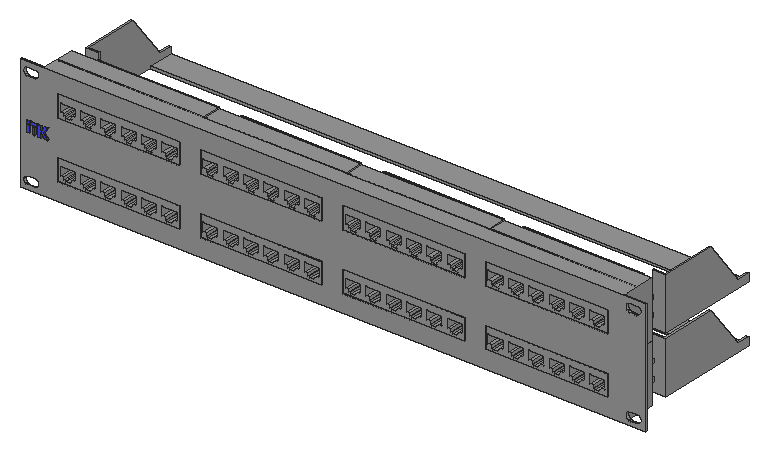
Revit family "ITK_Патч-панель_19-дюймовое крепление_2U_категория 5E с органайзером", category Обобщенные модели, Revit 2019
Family settings
  Может служить основой для арматурных стержней = Нет
  Размер круглого соединителя = Использовать диаметр
  Тип детали = Нормальный
  На основе рабочей плоскости = Нет
  Всегда вертикально = Да
  При загрузке вырезать с полостями = Нет
  Общий = Нет
  Точка расчета площади = Нет
Parameters (values of type "PP48-2UC5EU-D05-1")
  Ширина = 482.6 mm
  Материал = Окраска - RAL 9005
  Изготовитель = "ITK"  # constant formula
  Дата изменения = ""
  Глубина = 121 mm
  Высота = 88 mm
  URL = "https://www.iek.ru/"
  KSI_CPr_Строительные изделия = "27.12.31.61.1.04.09-1090"  # constant formula
  KSI_CMa_Строительные материалы = "10.03.02.06"  # constant formula
  IEK_Цена за единицу = 5122.96
  IEK_Поиск в таблице имен = ""
  IEK_Описание = "Исполнение с кабельным органайзером.\r\nБольшое количество коммутационных портов при компактном размере.\r\nДвойная понятная маркировка IDC-модулей и портов.\r\nРасширенный частотный диапазон работы.\r\nУвеличенное количество циклов включения-отключения.\r\nСовместимы со всеми 19\" шкафами и стойками ITK.\r\nСоответствие международным стандартам и ГОСТ Р."
  IEK_URL = "https://www.itk-group.ru/produktsiya/catalog/oborudovanie_telekommunikatsionnoe/komponenty_sks_mednye/patch_paneli/patch_paneli_kat_5e/patch_paneli_kat_5e_neekranirovannye_utp/itk_2u_patch_panel_kat_5e_utp_48_portov_dual_s_kabelnym_organayzerom"
  ADSK_Примечание = ""
  ADSK_Позиция [instance] = ""
  ADSK_Наименование = "ITK 2U патч-панель кат. 5Е UTP 48 портов (Dual) с каб. орг-м"
  ADSK_Материал обозначение = ""
  ADSK_Материал наименование = "Металл и АБС-пластик"  # constant formula
  ADSK_Масса = 1.1
  ADSK_Марка = ""  # constant formula
  ADSK_Код изделия = "PP48-2UC5EU-D05-1"
  ADSK_Завод-изготовитель = "IEK"  # constant formula
  ADSK_Единица измерения = "шт"  # constant formula
  ADSK_Группирование = "I. ЩИТЫ И ПУЛЬТЫ"  # constant formula
  ADSK_Версия семейства = "1.0"  # constant formula
  ADSK_Версия Revit = "2019"  # constant formula
  ADSK_URL страницы изделия = "https://www.itk-group.ru/produktsiya/catalog/oborudovanie_telekommunikatsionnoe/komponenty_sks_mednye/patch_paneli/patch_paneli_kat_5e/patch_paneli_kat_5e_neekranirovannye_utp/"
Reference planes
  plane 1 "По центру (Вперед/Назад)": y = 0
  plane 2: z = 0
  plane 3 "По центру (Влево/Вправо)": x = 0
  plane 4: y = 121
Forms (mm)
  Extrusion 1, solid, material "Окраска - RAL 9005" <- "Материал", detail levels fine
    sketch origin (0, 0, 0) x (1, 0, 0) y (0, 1, 0)
      loop
        line (223.6, 1.5) -> (223.6, 27.5) -> (-223.6, 27.5) -> (-223.6, 1.5) -> (-241, 1.5) -> (-241, 0) -> (241, 0) -> (241, 1.5) -> (223.6, 1.5)
    from 88 to 0
  Extrusion 2, void
    sketch origin (0, 0, 0) x (1, 0, 0) y (0, 0, 1)
      loop
        line (-222, 0) -> (222, 0) -> (222, 88) -> (-222, 88) -> (-222, 0)
      loop
        line (221.8, 87.8) -> (-221.8, 87.8) -> (-221.8, 43.8) -> (-221.8, 0.2) -> (221.8, 0.2) -> (221.8, 87.8)
    from -13.5 to -13.7
  Extrusion 3, void
    sketch origin (0, 0, 0) x (1, 0, 0) y (0, 1, 0)
      loop
        line (-110.25, 31.5) -> (-110.25, 13.5) -> (-109.457, 13.5) -> (-109.457, 31.5) -> (-110.25, 31.5)
      loop
        line (-0.25, 31.5) -> (-0.25, 13.5) -> (0.543, 13.5) -> (0.543, 31.5) -> (-0.25, 31.5)
      loop
        line (109.75, 31.5) -> (109.75, 13.5) -> (110.543, 13.5) -> (110.543, 31.5) -> (109.75, 31.5)
    from 88 to 0
  Extrusion 4, solid, material "Окраска - RAL 9005" <- "Материал", detail levels fine
    sketch origin (0, 0, 0) x (0, 1, 0) y (0, 0, 1)
      loop
        line (35.5, 35) -> (37.5, 36.155) -> (37.5, 37.845) -> (35.5, 39) -> (31, 39) -> (31, 40) -> (29.5, 40) -> (28.5, 39) -> (27.5, 40) -> (27.5, 34) -> (28.5, 35) -> (29.5, 34) -> (31, 34) -> (31, 35) -> (35.5, 35)
      loop
        line (35.5, 5) -> (37.5, 6.155) -> (37.5, 7.845) -> (35.5, 9) -> (31, 9) -> (31, 10) -> (29.5, 10) -> (28.5, 9) -> (27.5, 10) -> (27.5, 4) -> (28.5, 5) -> (29.5, 4) -> (31, 4) -> (31, 5) -> (35.5, 5)
      loop
        line (35.5, 79) -> (37.5, 80.155) -> (37.5, 81.845) -> (35.5, 83) -> (31, 83) -> (31, 84) -> (29.5, 84) -> (28.5, 83) -> (27.5, 84) -> (27.5, 78) -> (28.5, 79) -> (29.5, 78) -> (31, 78) -> (31, 79) -> (35.5, 79)
      loop
        line (35.5, 49) -> (37.5, 50.155) -> (37.5, 51.845) -> (35.5, 53) -> (31, 53) -> (31, 54) -> (29.5, 54) -> (28.5, 53) -> (27.5, 54) -> (27.5, 48) -> (28.5, 49) -> (29.5, 48) -> (31, 48) -> (31, 49) -> (35.5, 49)
    from -118.225 to -209.525
  Extrusion 5, solid, material "Окраска - RAL 9005" <- "Материал", detail levels fine
    sketch origin (110, 0, 0) x (0, 1, 0) y (0, 0, 1)
      loop
        line (35.5, 35) -> (37.5, 36.155) -> (37.5, 37.845) -> (35.5, 39) -> (31, 39) -> (31, 40) -> (29.5, 40) -> (28.5, 39) -> (27.5, 40) -> (27.5, 34) -> (28.5, 35) -> (29.5, 34) -> (31, 34) -> (31, 35) -> (35.5, 35)
      loop
        line (35.5, 5) -> (37.5, 6.155) -> (37.5, 7.845) -> (35.5, 9) -> (31, 9) -> (31, 10) -> (29.5, 10) -> (28.5, 9) -> (27.5, 10) -> (27.5, 4) -> (28.5, 5) -> (29.5, 4) -> (31, 4) -> (31, 5) -> (35.5, 5)
    from -118.225 to -209.525
  Extrusion 6, solid, material "Окраска - RAL 9005" <- "Материал", detail levels fine
    sketch origin (220, 0, 0) x (0, 1, 0) y (0, 0, 1)
      loop
        line (35.5, 35) -> (37.5, 36.155) -> (37.5, 37.845) -> (35.5, 39) -> (31, 39) -> (31, 40) -> (29.5, 40) -> (28.5, 39) -> (27.5, 40) -> (27.5, 34) -> (28.5, 35) -> (29.5, 34) -> (31, 34) -> (31, 35) -> (35.5, 35)
      loop
        line (35.5, 5) -> (37.5, 6.155) -> (37.5, 7.845) -> (35.5, 9) -> (31, 9) -> (31, 10) -> (29.5, 10) -> (28.5, 9) -> (27.5, 10) -> (27.5, 4) -> (28.5, 5) -> (29.5, 4) -> (31, 4) -> (31, 5) -> (35.5, 5)
    from -118.225 to -209.525
  Extrusion 7, solid, material "Окраска - RAL 9005" <- "Материал", detail levels fine
    sketch origin (330, 0, 0) x (0, 1, 0) y (0, 0, 1)
      loop
        line (35.5, 35) -> (37.5, 36.155) -> (37.5, 37.845) -> (35.5, 39) -> (31, 39) -> (31, 40) -> (29.5, 40) -> (28.5, 39) -> (27.5, 40) -> (27.5, 34) -> (28.5, 35) -> (29.5, 34) -> (31, 34) -> (31, 35) -> (35.5, 35)
      loop
        line (35.5, 5) -> (37.5, 6.155) -> (37.5, 7.845) -> (35.5, 9) -> (31, 9) -> (31, 10) -> (29.5, 10) -> (28.5, 9) -> (27.5, 10) -> (27.5, 4) -> (28.5, 5) -> (29.5, 4) -> (31, 4) -> (31, 5) -> (35.5, 5)
    from -118.225 to -209.525
  Extrusion 8, solid, material "Окраска - RAL 9005" <- "Материал", detail levels fine
    sketch origin (0, 0, 0) x (0, 1, 0) y (0, 0, 1)
      loop
        line (27.5, 17.25) -> (27.5, 14.25) -> (31.5, 14.25) -> (31.5, 17.25) -> (27.5, 17.25)
      loop
        line (27.5, 26.75) -> (31.5, 26.75) -> (31.5, 29.75) -> (27.5, 29.75) -> (27.5, 26.75)
    from 9.25 to 0.543
  Extrusion 9, solid, material "Окраска - RAL 9005" <- "Материал", detail levels fine
    sketch origin (-9.5, 0, 0) x (0, 1, 0) y (0, 0, 1)
      loop
        line (27.5, 17.25) -> (27.5, 14.25) -> (31.5, 14.25) -> (31.5, 17.25) -> (27.5, 17.25)
      loop
        line (27.5, 26.75) -> (31.5, 26.75) -> (31.5, 29.75) -> (27.5, 29.75) -> (27.5, 26.75)
    from 9.25 to 0.543
  Extrusion 10, solid, material "Окраска - RAL 9005" <- "Материал", detail levels fine
    sketch origin (-110, 0, 0) x (0, 1, 0) y (0, 0, 1)
      loop
        line (27.5, 17.25) -> (27.5, 14.25) -> (31.5, 14.25) -> (31.5, 17.25) -> (27.5, 17.25)
      loop
        line (27.5, 26.75) -> (31.5, 26.75) -> (31.5, 29.75) -> (27.5, 29.75) -> (27.5, 26.75)
    from 9.25 to 0.543
  Extrusion 11, solid, material "Окраска - RAL 9005" <- "Материал", detail levels fine
    sketch origin (-119.5, 0, 0) x (0, 1, 0) y (0, 0, 1)
      loop
        line (27.5, 17.25) -> (27.5, 14.25) -> (31.5, 14.25) -> (31.5, 17.25) -> (27.5, 17.25)
      loop
        line (27.5, 26.75) -> (31.5, 26.75) -> (31.5, 29.75) -> (27.5, 29.75) -> (27.5, 26.75)
    from 9.25 to 0.543
  Extrusion 12, solid, material "Окраска - RAL 9005" <- "Материал", detail levels fine
    sketch origin (-222.25, 0, 0) x (0, 1, 0) y (0, 0, 1)
      loop
        line (27.5, 17.25) -> (27.5, 14.25) -> (31.5, 14.25) -> (31.5, 17.25) -> (27.5, 17.25)
      loop
        line (27.5, 26.75) -> (31.5, 26.75) -> (31.5, 29.75) -> (27.5, 29.75) -> (27.5, 26.75)
      loop
        line (27.5, 61.25) -> (27.5, 58.25) -> (31.5, 58.25) -> (31.5, 61.25) -> (27.5, 61.25)
      loop
        line (27.5, 70.75) -> (31.5, 70.75) -> (31.5, 73.75) -> (27.5, 73.75) -> (27.5, 70.75)
    from 9.25 to 0.543
  Extrusion 13, solid, material "Окраска - RAL 9005" <- "Материал", detail levels fine
    sketch origin (110, 0, 0) x (0, 1, 0) y (0, 0, 1)
      loop
        line (27.5, 17.25) -> (27.5, 14.25) -> (31.5, 14.25) -> (31.5, 17.25) -> (27.5, 17.25)
      loop
        line (27.5, 26.75) -> (31.5, 26.75) -> (31.5, 29.75) -> (27.5, 29.75) -> (27.5, 26.75)
    from 9.25 to 0.543
  Extrusion 14, solid, material "Окраска - RAL 9005" <- "Материал", detail levels fine
    sketch origin (100.5, 0, 0) x (0, 1, 0) y (0, 0, 1)
      loop
        line (27.5, 17.25) -> (27.5, 14.25) -> (31.5, 14.25) -> (31.5, 17.25) -> (27.5, 17.25)
      loop
        line (27.5, 26.75) -> (31.5, 26.75) -> (31.5, 29.75) -> (27.5, 29.75) -> (27.5, 26.75)
    from 9.25 to 0.543
  Extrusion 15, solid, material "Окраска - RAL 9005" <- "Материал", detail levels fine
    sketch origin (212.75, 0, 0) x (0, 1, 0) y (0, 0, 1)
      loop
        line (27.5, 17.25) -> (27.5, 14.25) -> (31.5, 14.25) -> (31.5, 17.25) -> (27.5, 17.25)
      loop
        line (27.5, 26.75) -> (31.5, 26.75) -> (31.5, 29.75) -> (27.5, 29.75) -> (27.5, 26.75)
    from 9.25 to 0.543
  Extrusion 16, void
    sketch origin (0, 0, 0) x (1, 0, 0) y (0, 0, 1)
      loop
        line (-118.2, 30.05) -> (-211.8, 30.05) -> (-211.8, 13.95) -> (-118.2, 13.95) -> (-118.2, 30.05)
      loop
        line (-212, 30.25) -> (-212, 13.75) -> (-118, 13.75) -> (-118, 30.25) -> (-212, 30.25)
      loop
        arc (-234.65, 9.85) -> (-238, 6.5) -> (-234.65, 3.15) r 3.35
        line (-234.65, 3.15) -> (-229.85, 3.15)
        arc (-229.85, 3.15) -> (-227.481, 4.131) -> (-226.5, 6.5) r 3.35
        arc (-226.5, 6.5) -> (-227.481, 8.869) -> (-229.85, 9.85) r 3.35
        line (-229.85, 9.85) -> (-234.65, 9.85)
      loop
        line (-8.2, 30.05) -> (-101.8, 30.05) -> (-101.8, 13.95) -> (-8.2, 13.95) -> (-8.2, 30.05)
      loop
        line (-102, 30.25) -> (-102, 13.75) -> (-8, 13.75) -> (-8, 30.25) -> (-102, 30.25)
      loop
        line (8, 30.25) -> (8, 13.75) -> (102, 13.75) -> (102, 30.25) -> (8, 30.25)
      loop
        line (101.8, 30.05) -> (8.2, 30.05) -> (8.2, 13.95) -> (101.8, 13.95) -> (101.8, 30.05)
      loop
        line (211.8, 30.05) -> (118.2, 30.05) -> (118.2, 13.95) -> (211.8, 13.95) -> (211.8, 30.05)
      loop
        line (118, 30.25) -> (118, 13.75) -> (212, 13.75) -> (212, 30.25) -> (118, 30.25)
      loop
        arc (229.85, 9.85) -> (226.5, 6.5) -> (229.85, 3.15) r 3.35
        line (229.85, 3.15) -> (234.65, 3.15)
        arc (234.65, 3.15) -> (237.019, 4.131) -> (238, 6.5) r 3.35
        arc (238, 6.5) -> (237.019, 8.869) -> (234.65, 9.85) r 3.35
        line (234.65, 9.85) -> (229.85, 9.85)
      loop
        line (-118.2, 74.05) -> (-211.8, 74.05) -> (-211.8, 57.95) -> (-118.2, 57.95) -> (-118.2, 74.05)
      loop
        line (-212, 74.25) -> (-212, 57.75) -> (-118, 57.75) -> (-118, 74.25) -> (-212, 74.25)
      loop
        line (-8.2, 74.05) -> (-101.8, 74.05) -> (-101.8, 57.95) -> (-8.2, 57.95) -> (-8.2, 74.05)
      loop
        line (-102, 74.25) -> (-102, 57.75) -> (-8, 57.75) -> (-8, 74.25) -> (-102, 74.25)
      loop
        line (8, 74.25) -> (8, 57.75) -> (102, 57.75) -> (102, 74.25) -> (8, 74.25)
      loop
        line (101.8, 74.05) -> (8.2, 74.05) -> (8.2, 57.95) -> (101.8, 57.95) -> (101.8, 74.05)
      loop
        line (211.8, 74.05) -> (118.2, 74.05) -> (118.2, 57.95) -> (211.8, 57.95) -> (211.8, 74.05)
      loop
        line (118, 74.25) -> (118, 57.75) -> (212, 57.75) -> (212, 74.25) -> (118, 74.25)
      loop
        line (-234.65, 78.15) -> (-229.85, 78.15)
        arc (-229.85, 78.15) -> (-227.481, 79.131) -> (-226.5, 81.5) r 3.35
        arc (-226.5, 81.5) -> (-227.481, 83.869) -> (-229.85, 84.85) r 3.35
        line (-229.85, 84.85) -> (-234.65, 84.85)
        arc (-234.65, 84.85) -> (-238, 81.5) -> (-234.65, 78.15) r 3.35
      loop
        line (229.85, 78.15) -> (234.65, 78.15)
        arc (234.65, 78.15) -> (237.019, 79.131) -> (238, 81.5) r 3.35
        arc (238, 81.5) -> (237.019, 83.869) -> (234.65, 84.85) r 3.35
        line (234.65, 84.85) -> (229.85, 84.85)
        arc (229.85, 84.85) -> (226.5, 81.5) -> (229.85, 78.15) r 3.35
    from -2 to 0
  Extrusion 17, void
    sketch origin (0, 0, 0) x (1, 0, 0) y (0, 0, 1)
      loop
        line (-198.4, 18.25) -> (-198.4, 25.05) -> (-210.1, 25.05) -> (-210.1, 18.25) -> (-207.5, 18.25) -> (-207.5, 16.55) -> (-206.25, 16.55) -> (-206.25, 15.25) -> (-202.25, 15.25) -> (-202.25, 16.55) -> (-201, 16.55) -> (-201, 18.25) -> (-198.4, 18.25)
      loop
        line (-182.7, 25.05) -> (-194.4, 25.05) -> (-194.4, 18.25) -> (-191.8, 18.25) -> (-191.8, 16.55) -> (-190.55, 16.55) -> (-190.55, 15.25) -> (-186.55, 15.25) -> (-186.55, 16.55) -> (-185.3, 16.55) -> (-185.3, 18.25) -> (-182.7, 18.25) -> (-182.7, 25.05)
      loop
        line (-167, 25.05) -> (-178.7, 25.05) -> (-178.7, 18.25) -> (-176.1, 18.25) -> (-176.1, 16.55) -> (-174.85, 16.55) -> (-174.85, 15.25) -> (-170.85, 15.25) -> (-170.85, 16.55) -> (-169.6, 16.55) -> (-169.6, 18.25) -> (-167, 18.25) -> (-167, 25.05)
      loop
        line (-151.3, 25.05) -> (-163, 25.05) -> (-163, 18.25) -> (-160.4, 18.25) -> (-160.4, 16.55) -> (-159.15, 16.55) -> (-159.15, 15.25) -> (-155.15, 15.25) -> (-155.15, 16.55) -> (-153.9, 16.55) -> (-153.9, 18.25) -> (-151.3, 18.25) -> (-151.3, 25.05)
      loop
        line (-135.6, 25.05) -> (-147.3, 25.05) -> (-147.3, 18.25) -> (-144.7, 18.25) -> (-144.7, 16.55) -> (-143.45, 16.55) -> (-143.45, 15.25) -> (-139.45, 15.25) -> (-139.45, 16.55) -> (-138.2, 16.55) -> (-138.2, 18.25) -> (-135.6, 18.25) -> (-135.6, 25.05)
      loop
        line (-131.6, 25.05) -> (-131.6, 18.25) -> (-129, 18.25) -> (-129, 16.55) -> (-127.75, 16.55) -> (-127.75, 15.25) -> (-123.75, 15.25) -> (-123.75, 16.55) -> (-122.5, 16.55) -> (-122.5, 18.25) -> (-119.9, 18.25) -> (-119.9, 25.05) -> (-131.6, 25.05)
      loop
        line (-88.4, 25.05) -> (-100.1, 25.05) -> (-100.1, 18.25) -> (-97.5, 18.25) -> (-97.5, 16.55) -> (-96.25, 16.55) -> (-96.25, 15.25) -> (-92.25, 15.25) -> (-92.25, 16.55) -> (-91, 16.55) -> (-91, 18.25) -> (-88.4, 18.25) -> (-88.4, 25.05)
      loop
        line (-84.4, 25.05) -> (-84.4, 18.25) -> (-81.8, 18.25) -> (-81.8, 16.55) -> (-80.55, 16.55) -> (-80.55, 15.25) -> (-76.55, 15.25) -> (-76.55, 16.55) -> (-75.3, 16.55) -> (-75.3, 18.25) -> (-72.7, 18.25) -> (-72.7, 25.05) -> (-84.4, 25.05)
      loop
        line (-68.7, 25.05) -> (-68.7, 18.25) -> (-66.1, 18.25) -> (-66.1, 16.55) -> (-64.85, 16.55) -> (-64.85, 15.25) -> (-60.85, 15.25) -> (-60.85, 16.55) -> (-59.6, 16.55) -> (-59.6, 18.25) -> (-57, 18.25) -> (-57, 25.05) -> (-68.7, 25.05)
      loop
        line (-53, 25.05) -> (-53, 18.25) -> (-50.4, 18.25) -> (-50.4, 16.55) -> (-49.15, 16.55) -> (-49.15, 15.25) -> (-45.15, 15.25) -> (-45.15, 16.55) -> (-43.9, 16.55) -> (-43.9, 18.25) -> (-41.3, 18.25) -> (-41.3, 25.05) -> (-53, 25.05)
      loop
        line (-21.6, 25.05) -> (-21.6, 18.25) -> (-19, 18.25) -> (-19, 16.55) -> (-17.75, 16.55) -> (-17.75, 15.25) -> (-13.75, 15.25) -> (-13.75, 16.55) -> (-12.5, 16.55) -> (-12.5, 18.25) -> (-9.9, 18.25) -> (-9.9, 25.05) -> (-21.6, 25.05)
      loop
        line (-37.3, 25.05) -> (-37.3, 18.25) -> (-34.7, 18.25) -> (-34.7, 16.55) -> (-33.45, 16.55) -> (-33.45, 15.25) -> (-29.45, 15.25) -> (-29.45, 16.55) -> (-28.2, 16.55) -> (-28.2, 18.25) -> (-25.6, 18.25) -> (-25.6, 25.05) -> (-37.3, 25.05)
      loop
        line (9.9, 25.05) -> (9.9, 18.25) -> (12.5, 18.25) -> (12.5, 16.55) -> (13.75, 16.55) -> (13.75, 15.25) -> (17.75, 15.25) -> (17.75, 16.55) -> (19, 16.55) -> (19, 18.25) -> (21.6, 18.25) -> (21.6, 25.05) -> (9.9, 25.05)
      loop
        line (25.6, 25.05) -> (25.6, 18.25) -> (28.2, 18.25) -> (28.2, 16.55) -> (29.45, 16.55) -> (29.45, 15.25) -> (33.45, 15.25) -> (33.45, 16.55) -> (34.7, 16.55) -> (34.7, 18.25) -> (37.3, 18.25) -> (37.3, 25.05) -> (25.6, 25.05)
      loop
        line (41.3, 25.05) -> (41.3, 18.25) -> (43.9, 18.25) -> (43.9, 16.55) -> (45.15, 16.55) -> (45.15, 15.25) -> (49.15, 15.25) -> (49.15, 16.55) -> (50.4, 16.55) -> (50.4, 18.25) -> (53, 18.25) -> (53, 25.05) -> (41.3, 25.05)
      loop
        line (57, 25.05) -> (57, 18.25) -> (59.6, 18.25) -> (59.6, 16.55) -> (60.85, 16.55) -> (60.85, 15.25) -> (64.85, 15.25) -> (64.85, 16.55) -> (66.1, 16.55) -> (66.1, 18.25) -> (68.7, 18.25) -> (68.7, 25.05) -> (57, 25.05)
      loop
        line (72.7, 25.05) -> (72.7, 18.25) -> (75.3, 18.25) -> (75.3, 16.55) -> (76.55, 16.55) -> (76.55, 15.25) -> (80.55, 15.25) -> (80.55, 16.55) -> (81.8, 16.55) -> (81.8, 18.25) -> (84.4, 18.25) -> (84.4, 25.05) -> (72.7, 25.05)
      loop
        line (88.4, 25.05) -> (88.4, 18.25) -> (91, 18.25) -> (91, 16.55) -> (92.25, 16.55) -> (92.25, 15.25) -> (96.25, 15.25) -> (96.25, 16.55) -> (97.5, 16.55) -> (97.5, 18.25) -> (100.1, 18.25) -> (100.1, 25.05) -> (88.4, 25.05)
      loop
        line (119.9, 25.05) -> (119.9, 18.25) -> (122.5, 18.25) -> (122.5, 16.55) -> (123.75, 16.55) -> (123.75, 15.25) -> (127.75, 15.25) -> (127.75, 16.55) -> (129, 16.55) -> (129, 18.25) -> (131.6, 18.25) -> (131.6, 25.05) -> (119.9, 25.05)
      loop
        line (135.6, 25.05) -> (135.6, 18.25) -> (138.2, 18.25) -> (138.2, 16.55) -> (139.45, 16.55) -> (139.45, 15.25) -> (143.45, 15.25) -> (143.45, 16.55) -> (144.7, 16.55) -> (144.7, 18.25) -> (147.3, 18.25) -> (147.3, 25.05) -> (135.6, 25.05)
      loop
        line (151.3, 25.05) -> (151.3, 18.25) -> (153.9, 18.25) -> (153.9, 16.55) -> (155.15, 16.55) -> (155.15, 15.25) -> (159.15, 15.25) -> (159.15, 16.55) -> (160.4, 16.55) -> (160.4, 18.25) -> (163, 18.25) -> (163, 25.05) -> (151.3, 25.05)
      loop
        line (167, 25.05) -> (167, 18.25) -> (169.6, 18.25) -> (169.6, 16.55) -> (170.85, 16.55) -> (170.85, 15.25) -> (174.85, 15.25) -> (174.85, 16.55) -> (176.1, 16.55) -> (176.1, 18.25) -> (178.7, 18.25) -> (178.7, 25.05) -> (167, 25.05)
      loop
        line (182.7, 25.05) -> (182.7, 18.25) -> (185.3, 18.25) -> (185.3, 16.55) -> (186.55, 16.55) -> (186.55, 15.25) -> (190.55, 15.25) -> (190.55, 16.55) -> (191.8, 16.55) -> (191.8, 18.25) -> (194.4, 18.25) -> (194.4, 25.05) -> (182.7, 25.05)
      loop
        line (198.4, 25.05) -> (198.4, 18.25) -> (201, 18.25) -> (201, 16.55) -> (202.25, 16.55) -> (202.25, 15.25) -> (206.25, 15.25) -> (206.25, 16.55) -> (207.5, 16.55) -> (207.5, 18.25) -> (210.1, 18.25) -> (210.1, 25.05) -> (198.4, 25.05)
      loop
        line (-198.4, 62.25) -> (-198.4, 69.05) -> (-210.1, 69.05) -> (-210.1, 62.25) -> (-207.5, 62.25) -> (-207.5, 60.55) -> (-206.25, 60.55) -> (-206.25, 59.25) -> (-202.25, 59.25) -> (-202.25, 60.55) -> (-201, 60.55) -> (-201, 62.25) -> (-198.4, 62.25)
      loop
        line (-182.7, 69.05) -> (-194.4, 69.05) -> (-194.4, 62.25) -> (-191.8, 62.25) -> (-191.8, 60.55) -> (-190.55, 60.55) -> (-190.55, 59.25) -> (-186.55, 59.25) -> (-186.55, 60.55) -> (-185.3, 60.55) -> (-185.3, 62.25) -> (-182.7, 62.25) -> (-182.7, 69.05)
      loop
        line (-167, 69.05) -> (-178.7, 69.05) -> (-178.7, 62.25) -> (-176.1, 62.25) -> (-176.1, 60.55) -> (-174.85, 60.55) -> (-174.85, 59.25) -> (-170.85, 59.25) -> (-170.85, 60.55) -> (-169.6, 60.55) -> (-169.6, 62.25) -> (-167, 62.25) -> (-167, 69.05)
      loop
        line (-151.3, 69.05) -> (-163, 69.05) -> (-163, 62.25) -> (-160.4, 62.25) -> (-160.4, 60.55) -> (-159.15, 60.55) -> (-159.15, 59.25) -> (-155.15, 59.25) -> (-155.15, 60.55) -> (-153.9, 60.55) -> (-153.9, 62.25) -> (-151.3, 62.25) -> (-151.3, 69.05)
      loop
        line (-135.6, 69.05) -> (-147.3, 69.05) -> (-147.3, 62.25) -> (-144.7, 62.25) -> (-144.7, 60.55) -> (-143.45, 60.55) -> (-143.45, 59.25) -> (-139.45, 59.25) -> (-139.45, 60.55) -> (-138.2, 60.55) -> (-138.2, 62.25) -> (-135.6, 62.25) -> (-135.6, 69.05)
      loop
        line (-131.6, 69.05) -> (-131.6, 62.25) -> (-129, 62.25) -> (-129, 60.55) -> (-127.75, 60.55) -> (-127.75, 59.25) -> (-123.75, 59.25) -> (-123.75, 60.55) -> (-122.5, 60.55) -> (-122.5, 62.25) -> (-119.9, 62.25) -> (-119.9, 69.05) -> (-131.6, 69.05)
      loop
        line (-88.4, 69.05) -> (-100.1, 69.05) -> (-100.1, 62.25) -> (-97.5, 62.25) -> (-97.5, 60.55) -> (-96.25, 60.55) -> (-96.25, 59.25) -> (-92.25, 59.25) -> (-92.25, 60.55) -> (-91, 60.55) -> (-91, 62.25) -> (-88.4, 62.25) -> (-88.4, 69.05)
      loop
        line (-84.4, 69.05) -> (-84.4, 62.25) -> (-81.8, 62.25) -> (-81.8, 60.55) -> (-80.55, 60.55) -> (-80.55, 59.25) -> (-76.55, 59.25) -> (-76.55, 60.55) -> (-75.3, 60.55) -> (-75.3, 62.25) -> (-72.7, 62.25) -> (-72.7, 69.05) -> (-84.4, 69.05)
      loop
        line (-68.7, 69.05) -> (-68.7, 62.25) -> (-66.1, 62.25) -> (-66.1, 60.55) -> (-64.85, 60.55) -> (-64.85, 59.25) -> (-60.85, 59.25) -> (-60.85, 60.55) -> (-59.6, 60.55) -> (-59.6, 62.25) -> (-57, 62.25) -> (-57, 69.05) -> (-68.7, 69.05)
      loop
        line (-53, 69.05) -> (-53, 62.25) -> (-50.4, 62.25) -> (-50.4, 60.55) -> (-49.15, 60.55) -> (-49.15, 59.25) -> (-45.15, 59.25) -> (-45.15, 60.55) -> (-43.9, 60.55) -> (-43.9, 62.25) -> (-41.3, 62.25) -> (-41.3, 69.05) -> (-53, 69.05)
      loop
        line (-21.6, 69.05) -> (-21.6, 62.25) -> (-19, 62.25) -> (-19, 60.55) -> (-17.75, 60.55) -> (-17.75, 59.25) -> (-13.75, 59.25) -> (-13.75, 60.55) -> (-12.5, 60.55) -> (-12.5, 62.25) -> (-9.9, 62.25) -> (-9.9, 69.05) -> (-21.6, 69.05)
      loop
        line (-37.3, 69.05) -> (-37.3, 62.25) -> (-34.7, 62.25) -> (-34.7, 60.55) -> (-33.45, 60.55) -> (-33.45, 59.25) -> (-29.45, 59.25) -> (-29.45, 60.55) -> (-28.2, 60.55) -> (-28.2, 62.25) -> (-25.6, 62.25) -> (-25.6, 69.05) -> (-37.3, 69.05)
      loop
        line (9.9, 69.05) -> (9.9, 62.25) -> (12.5, 62.25) -> (12.5, 60.55) -> (13.75, 60.55) -> (13.75, 59.25) -> (17.75, 59.25) -> (17.75, 60.55) -> (19, 60.55) -> (19, 62.25) -> (21.6, 62.25) -> (21.6, 69.05) -> (9.9, 69.05)
      loop
        line (25.6, 69.05) -> (25.6, 62.25) -> (28.2, 62.25) -> (28.2, 60.55) -> (29.45, 60.55) -> (29.45, 59.25) -> (33.45, 59.25) -> (33.45, 60.55) -> (34.7, 60.55) -> (34.7, 62.25) -> (37.3, 62.25) -> (37.3, 69.05) -> (25.6, 69.05)
      loop
        line (41.3, 69.05) -> (41.3, 62.25) -> (43.9, 62.25) -> (43.9, 60.55) -> (45.15, 60.55) -> (45.15, 59.25) -> (49.15, 59.25) -> (49.15, 60.55) -> (50.4, 60.55) -> (50.4, 62.25) -> (53, 62.25) -> (53, 69.05) -> (41.3, 69.05)
      loop
        line (57, 69.05) -> (57, 62.25) -> (59.6, 62.25) -> (59.6, 60.55) -> (60.85, 60.55) -> (60.85, 59.25) -> (64.85, 59.25) -> (64.85, 60.55) -> (66.1, 60.55) -> (66.1, 62.25) -> (68.7, 62.25) -> (68.7, 69.05) -> (57, 69.05)
      loop
        line (72.7, 69.05) -> (72.7, 62.25) -> (75.3, 62.25) -> (75.3, 60.55) -> (76.55, 60.55) -> (76.55, 59.25) -> (80.55, 59.25) -> (80.55, 60.55) -> (81.8, 60.55) -> (81.8, 62.25) -> (84.4, 62.25) -> (84.4, 69.05) -> (72.7, 69.05)
      loop
        line (88.4, 69.05) -> (88.4, 62.25) -> (91, 62.25) -> (91, 60.55) -> (92.25, 60.55) -> (92.25, 59.25) -> (96.25, 59.25) -> (96.25, 60.55) -> (97.5, 60.55) -> (97.5, 62.25) -> (100.1, 62.25) -> (100.1, 69.05) -> (88.4, 69.05)
      loop
        line (119.9, 69.05) -> (119.9, 62.25) -> (122.5, 62.25) -> (122.5, 60.55) -> (123.75, 60.55) -> (123.75, 59.25) -> (127.75, 59.25) -> (127.75, 60.55) -> (129, 60.55) -> (129, 62.25) -> (131.6, 62.25) -> (131.6, 69.05) -> (119.9, 69.05)
      loop
        line (135.6, 69.05) -> (135.6, 62.25) -> (138.2, 62.25) -> (138.2, 60.55) -> (139.45, 60.55) -> (139.45, 59.25) -> (143.45, 59.25) -> (143.45, 60.55) -> (144.7, 60.55) -> (144.7, 62.25) -> (147.3, 62.25) -> (147.3, 69.05) -> (135.6, 69.05)
      loop
        line (151.3, 69.05) -> (151.3, 62.25) -> (153.9, 62.25) -> (153.9, 60.55) -> (155.15, 60.55) -> (155.15, 59.25) -> (159.15, 59.25) -> (159.15, 60.55) -> (160.4, 60.55) -> (160.4, 62.25) -> (163, 62.25) -> (163, 69.05) -> (151.3, 69.05)
      loop
        line (167, 69.05) -> (167, 62.25) -> (169.6, 62.25) -> (169.6, 60.55) -> (170.85, 60.55) -> (170.85, 59.25) -> (174.85, 59.25) -> (174.85, 60.55) -> (176.1, 60.55) -> (176.1, 62.25) -> (178.7, 62.25) -> (178.7, 69.05) -> (167, 69.05)
      loop
        line (182.7, 69.05) -> (182.7, 62.25) -> (185.3, 62.25) -> (185.3, 60.55) -> (186.55, 60.55) -> (186.55, 59.25) -> (190.55, 59.25) -> (190.55, 60.55) -> (191.8, 60.55) -> (191.8, 62.25) -> (194.4, 62.25) -> (194.4, 69.05) -> (182.7, 69.05)
      loop
        line (198.4, 69.05) -> (198.4, 62.25) -> (201, 62.25) -> (201, 60.55) -> (202.25, 60.55) -> (202.25, 59.25) -> (206.25, 59.25) -> (206.25, 60.55) -> (207.5, 60.55) -> (207.5, 62.25) -> (210.1, 62.25) -> (210.1, 69.05) -> (198.4, 69.05)
    from -20 to 0
  Extrusion 18, solid, detail levels coarse+medium
    sketch origin (0, 0, 0) x (1, 0, 0) y (0, 1, 0)
      loop
        line (-241, 0) -> (241, 0) -> (241, 121) -> (-241, 121) -> (-241, 0)
    from 88 <- "Высота" to 0
  Extrusion 19, solid, material "Пластик белый", detail levels fine
    sketch origin (-228.299, 0, 39.843) x (1, 0, 0) y (0, 0, 1)
      loop
        line (-7.624, 5.29) -> (-7.624, 0) -> (-5.312, 0) -> (-5.312, 5.29) -> (-7.624, 5.29)
      loop
        line (-0.808, 5.29) -> (-2.986, 5.29) -> (-2.986, 0) -> (-0.808, 0) -> (-0.808, 5.29)
      loop
        line (-7.624, 6.027) -> (-5.312, 6.027) -> (-5.312, 8.272) -> (-7.624, 8.272) -> (-7.624, 6.027)
      loop
        line (1.567, 8.272) -> (1.567, 0) -> (3.747, 0) -> (3.747, 3.101) -> (4.58, 3.101) -> (6.594, 0) -> (9.251, 0) -> (6.241, 4.142) -> (9.251, 8.272) -> (6.594, 8.272) -> (4.58, 5.17) -> (3.747, 5.17) -> (3.747, 8.272) -> (1.567, 8.272)
      loop
        line (-4.24, 6.027) -> (0.447, 6.027) -> (0.447, 8.272) -> (-4.24, 8.272) -> (-4.24, 6.027)
    from 0 to 0.554
  Extrusion 20, solid, material "Окраска - RAL 9005" <- "Материал", detail levels fine
    sketch origin (0, 0, 0) x (0, 1, 0) y (0, 0, -1)
      loop
        line (35.5, -35) -> (31, -35) -> (31, -34) -> (29.5, -34) -> (28.5, -35) -> (27.5, -34) -> (27.5, -40) -> (28.5, -39) -> (29.5, -40) -> (31, -40) -> (31, -39) -> (35.5, -39) -> (37.5, -37.845) -> (37.5, -36.155) -> (35.5, -35)
      loop
        line (35.5, -5) -> (31, -5) -> (31, -4) -> (29.5, -4) -> (28.5, -5) -> (27.5, -4) -> (27.5, -10) -> (28.5, -9) -> (29.5, -10) -> (31, -10) -> (31, -9) -> (35.5, -9) -> (37.5, -7.845) -> (37.5, -6.155) -> (35.5, -5)
      loop
        line (35.5, -79) -> (31, -79) -> (31, -78) -> (29.5, -78) -> (28.5, -79) -> (27.5, -78) -> (27.5, -84) -> (28.5, -83) -> (29.5, -84) -> (31, -84) -> (31, -83) -> (35.5, -83) -> (37.5, -81.845) -> (37.5, -80.155) -> (35.5, -79)
      loop
        line (35.5, -49) -> (31, -49) -> (31, -48) -> (29.5, -48) -> (28.5, -49) -> (27.5, -48) -> (27.5, -54) -> (28.5, -53) -> (29.5, -54) -> (31, -54) -> (31, -53) -> (35.5, -53) -> (37.5, -51.845) -> (37.5, -50.155) -> (35.5, -49)
    from -118.225 to -209.525
  Extrusion 21, solid, material "Окраска - RAL 9005" <- "Материал", detail levels fine
    sketch origin (-107.75, 0, 0) x (0, 1, 0) y (0, 0, -1)
      loop
        line (35.5, -35) -> (31, -35) -> (31, -34) -> (29.5, -34) -> (28.5, -35) -> (27.5, -34) -> (27.5, -40) -> (28.5, -39) -> (29.5, -40) -> (31, -40) -> (31, -39) -> (35.5, -39) -> (37.5, -37.845) -> (37.5, -36.155) -> (35.5, -35)
      loop
        line (35.5, -5) -> (31, -5) -> (31, -4) -> (29.5, -4) -> (28.5, -5) -> (27.5, -4) -> (27.5, -10) -> (28.5, -9) -> (29.5, -10) -> (31, -10) -> (31, -9) -> (35.5, -9) -> (37.5, -7.845) -> (37.5, -6.155) -> (35.5, -5)
      loop
        line (35.5, -79) -> (31, -79) -> (31, -78) -> (29.5, -78) -> (28.5, -79) -> (27.5, -78) -> (27.5, -84) -> (28.5, -83) -> (29.5, -84) -> (31, -84) -> (31, -83) -> (35.5, -83) -> (37.5, -81.845) -> (37.5, -80.155) -> (35.5, -79)
      loop
        line (35.5, -49) -> (31, -49) -> (31, -48) -> (29.5, -48) -> (28.5, -49) -> (27.5, -48) -> (27.5, -54) -> (28.5, -53) -> (29.5, -54) -> (31, -54) -> (31, -53) -> (35.5, -53) -> (37.5, -51.845) -> (37.5, -50.155) -> (35.5, -49)
    from -118.225 to -209.525
  Extrusion 22, solid, material "Окраска - RAL 9005" <- "Материал", detail levels fine
    sketch origin (-217.75, 0, 0) x (0, 1, 0) y (0, 0, -1)
      loop
        line (35.5, -35) -> (31, -35) -> (31, -34) -> (29.5, -34) -> (28.5, -35) -> (27.5, -34) -> (27.5, -40) -> (28.5, -39) -> (29.5, -40) -> (31, -40) -> (31, -39) -> (35.5, -39) -> (37.5, -37.845) -> (37.5, -36.155) -> (35.5, -35)
      loop
        line (35.5, -5) -> (31, -5) -> (31, -4) -> (29.5, -4) -> (28.5, -5) -> (27.5, -4) -> (27.5, -10) -> (28.5, -9) -> (29.5, -10) -> (31, -10) -> (31, -9) -> (35.5, -9) -> (37.5, -7.845) -> (37.5, -6.155) -> (35.5, -5)
      loop
        line (35.5, -79) -> (31, -79) -> (31, -78) -> (29.5, -78) -> (28.5, -79) -> (27.5, -78) -> (27.5, -84) -> (28.5, -83) -> (29.5, -84) -> (31, -84) -> (31, -83) -> (35.5, -83) -> (37.5, -81.845) -> (37.5, -80.155) -> (35.5, -79)
      loop
        line (35.5, -49) -> (31, -49) -> (31, -48) -> (29.5, -48) -> (28.5, -49) -> (27.5, -48) -> (27.5, -54) -> (28.5, -53) -> (29.5, -54) -> (31, -54) -> (31, -53) -> (35.5, -53) -> (37.5, -51.845) -> (37.5, -50.155) -> (35.5, -49)
    from -118.225 to -209.525
  Extrusion 23, solid, material "Окраска - RAL 9005" <- "Материал", detail levels fine
    sketch origin (-119.793, 0, 0) x (0, 1, 0) y (0, 0, 1)
      loop
        line (27.5, 17.25) -> (27.5, 14.25) -> (31.5, 14.25) -> (31.5, 17.25) -> (27.5, 17.25)
      loop
        line (27.5, 26.75) -> (31.5, 26.75) -> (31.5, 29.75) -> (27.5, 29.75) -> (27.5, 26.75)
      loop
        line (27.5, 61.25) -> (27.5, 58.25) -> (31.5, 58.25) -> (31.5, 61.25) -> (27.5, 61.25)
      loop
        line (27.5, 70.75) -> (31.5, 70.75) -> (31.5, 73.75) -> (27.5, 73.75) -> (27.5, 70.75)
    from 9.25 to 0.543
  Extrusion 24, solid, material "Окраска - RAL 9005" <- "Материал", detail levels fine
    sketch origin (-110.293, 0, 0) x (0, 1, 0) y (0, 0, 1)
      loop
        line (27.5, 17.25) -> (27.5, 14.25) -> (31.5, 14.25) -> (31.5, 17.25) -> (27.5, 17.25)
      loop
        line (27.5, 26.75) -> (31.5, 26.75) -> (31.5, 29.75) -> (27.5, 29.75) -> (27.5, 26.75)
      loop
        line (27.5, 61.25) -> (27.5, 58.25) -> (31.5, 58.25) -> (31.5, 61.25) -> (27.5, 61.25)
      loop
        line (27.5, 70.75) -> (31.5, 70.75) -> (31.5, 73.75) -> (27.5, 73.75) -> (27.5, 70.75)
    from 9.25 to 0.543
  Extrusion 25, solid, material "Окраска - RAL 9005" <- "Материал", detail levels fine
    sketch origin (-9.793, 0, 0) x (0, 1, 0) y (0, 0, 1)
      loop
        line (27.5, 17.25) -> (27.5, 14.25) -> (31.5, 14.25) -> (31.5, 17.25) -> (27.5, 17.25)
      loop
        line (27.5, 26.75) -> (31.5, 26.75) -> (31.5, 29.75) -> (27.5, 29.75) -> (27.5, 26.75)
      loop
        line (27.5, 61.25) -> (27.5, 58.25) -> (31.5, 58.25) -> (31.5, 61.25) -> (27.5, 61.25)
      loop
        line (27.5, 70.75) -> (31.5, 70.75) -> (31.5, 73.75) -> (27.5, 73.75) -> (27.5, 70.75)
    from 9.25 to 0.543
  Extrusion 26, solid, material "Окраска - RAL 9005" <- "Материал", detail levels fine
    sketch origin (-0.293, 0, 0) x (0, 1, 0) y (0, 0, 1)
      loop
        line (27.5, 17.25) -> (27.5, 14.25) -> (31.5, 14.25) -> (31.5, 17.25) -> (27.5, 17.25)
      loop
        line (27.5, 26.75) -> (31.5, 26.75) -> (31.5, 29.75) -> (27.5, 29.75) -> (27.5, 26.75)
      loop
        line (27.5, 61.25) -> (27.5, 58.25) -> (31.5, 58.25) -> (31.5, 61.25) -> (27.5, 61.25)
      loop
        line (27.5, 70.75) -> (31.5, 70.75) -> (31.5, 73.75) -> (27.5, 73.75) -> (27.5, 70.75)
    from 9.25 to 0.543
  Extrusion 27, solid, material "Окраска - RAL 9005" <- "Материал", detail levels fine
    sketch origin (100.207, 0, 0) x (0, 1, 0) y (0, 0, 1)
      loop
        line (27.5, 17.25) -> (27.5, 14.25) -> (31.5, 14.25) -> (31.5, 17.25) -> (27.5, 17.25)
      loop
        line (27.5, 26.75) -> (31.5, 26.75) -> (31.5, 29.75) -> (27.5, 29.75) -> (27.5, 26.75)
      loop
        line (27.5, 61.25) -> (27.5, 58.25) -> (31.5, 58.25) -> (31.5, 61.25) -> (27.5, 61.25)
      loop
        line (27.5, 70.75) -> (31.5, 70.75) -> (31.5, 73.75) -> (27.5, 73.75) -> (27.5, 70.75)
    from 9.25 to 0.543
  Extrusion 28, solid, material "Окраска - RAL 9005" <- "Материал", detail levels fine
    sketch origin (109.707, 0, 0) x (0, 1, 0) y (0, 0, 1)
      loop
        line (27.5, 17.25) -> (27.5, 14.25) -> (31.5, 14.25) -> (31.5, 17.25) -> (27.5, 17.25)
      loop
        line (27.5, 26.75) -> (31.5, 26.75) -> (31.5, 29.75) -> (27.5, 29.75) -> (27.5, 26.75)
      loop
        line (27.5, 61.25) -> (27.5, 58.25) -> (31.5, 58.25) -> (31.5, 61.25) -> (27.5, 61.25)
      loop
        line (27.5, 70.75) -> (31.5, 70.75) -> (31.5, 73.75) -> (27.5, 73.75) -> (27.5, 70.75)
    from 9.25 to 0.543
  Extrusion 29, solid, material "Окраска - RAL 9005" <- "Материал", detail levels fine
    sketch origin (212.457, 0, 0) x (0, 1, 0) y (0, 0, 1)
      loop
        line (27.5, 17.25) -> (27.5, 14.25) -> (31.5, 14.25) -> (31.5, 17.25) -> (27.5, 17.25)
      loop
        line (27.5, 26.75) -> (31.5, 26.75) -> (31.5, 29.75) -> (27.5, 29.75) -> (27.5, 26.75)
      loop
        line (27.5, 61.25) -> (27.5, 58.25) -> (31.5, 58.25) -> (31.5, 61.25) -> (27.5, 61.25)
      loop
        line (27.5, 70.75) -> (31.5, 70.75) -> (31.5, 73.75) -> (27.5, 73.75) -> (27.5, 70.75)
    from 9.25 to 0.543
  Extrusion 30, void
    sketch origin (0, 0, 0) x (0, 1, 0) y (0, 0, 1)
      loop
        line (27.5, 44.405) -> (1.5, 44.405) -> (1.5, 43.595) -> (27.5, 43.595) -> (27.5, 44.405)
    from 226.124 to -227.468
  Extrusion 31, solid, material "Окраска - RAL 9005" <- "Материал", detail levels fine
    sketch origin (0, 0, 0) x (1, 0, 0) y (0, 1, 0)
      loop
        line (-223.6, 121) -> (-223.6, 101) -> (222, 101) -> (222, 121) -> (-223.6, 121)
    from 0 to 1.6
  Extrusion 32, solid, material "Окраска - RAL 9005" <- "Материал", detail levels fine
    sketch origin (0, 0, 0) x (1, 0, 0) y (0, 1, 0)
      loop
        line (-222, 121) -> (-223.6, 121) -> (-223.6, 41) -> (-213.6, 41) -> (-213.6, 42.6) -> (-222, 42.6) -> (-222, 121)
      loop
        line (222, 121) -> (222, 42.6) -> (213.6, 42.6) -> (213.6, 41) -> (223.6, 41) -> (223.6, 121) -> (222, 121)
    from 0 to 40
  Extrusion 33, void
    sketch origin (0, 0, 0) x (0, 1, 0) y (0, 0, 1)
      loop
        line (121, 6.265) -> (121, 40) -> (84.895, 40) -> (111, 6.265) -> (121, 6.265)
    from -223.6 to 223.6
  Extrusion 34, solid, material "Окраска - RAL 9005" <- "Материал", detail levels fine
    sketch origin (0, 0, 44) x (1, 0, 0) y (0, 1, 0)
      loop
        line (-223.6, 121) -> (-223.6, 101) -> (222, 101) -> (222, 121) -> (-223.6, 121)
    from 0 to 1.6
  Extrusion 35, solid, material "Окраска - RAL 9005" <- "Материал", detail levels fine
    sketch origin (0, 0, 44) x (1, 0, 0) y (0, 1, 0)
      loop
        line (-222, 121) -> (-223.6, 121) -> (-223.6, 41) -> (-213.6, 41) -> (-213.6, 42.6) -> (-222, 42.6) -> (-222, 121)
      loop
        line (222, 121) -> (222, 42.6) -> (213.6, 42.6) -> (213.6, 41) -> (223.6, 41) -> (223.6, 121) -> (222, 121)
    from 0 to 40
  Extrusion 36, void
    sketch origin (0, 0, 44) x (0, 1, 0) y (0, 0, 1)
      loop
        line (121, 6.265) -> (121, 40) -> (84.895, 40) -> (111, 6.265) -> (121, 6.265)
    from -223.6 to 223.6
Cuts and joins
  Extrusion 2, Extrusion 3, Extrusion 16, Extrusion 17, Extrusion 30 cuts Extrusion 1
  Extrusion 30 cuts Extrusion 18
  Extrusion 33, Extrusion 36 cuts Extrusion 32
  Extrusion 36 cuts Extrusion 35
Dimensions and locks
  plane 1 "По центру (Вперед/Назад)" to plane 4 = 121 mm
  aligned and locked: level to plane 2
  aligned and locked: cut or joined group of Extrusion 1, Extrusion 2, Extrusion 3, Extrusion 16, Extrusion 17, Extrusion 30 to Extrusion 2 sketch curve
  aligned and locked: cut or joined group of Extrusion 18, Extrusion 30 to cut or joined group of Extrusion 1, Extrusion 2, Extrusion 3, Extrusion 16, Extrusion 17, Extrusion 30
  aligned and locked: cut or joined group of Extrusion 1, Extrusion 2, Extrusion 3, Extrusion 16, Extrusion 17, Extrusion 30 to Extrusion 31 sketch curve
  aligned and locked: cut or joined group of Extrusion 1, Extrusion 2, Extrusion 3, Extrusion 16, Extrusion 17, Extrusion 30 to Extrusion 33
  aligned and locked: Extrusion 33 to cut or joined group of Extrusion 1, Extrusion 2, Extrusion 3, Extrusion 16, Extrusion 17, Extrusion 30
  aligned and locked: Extrusion 33 to Extrusion 32
  aligned and locked: Extrusion 4 to Extrusion 33
  aligned and locked: Extrusion 36 to Extrusion 35
